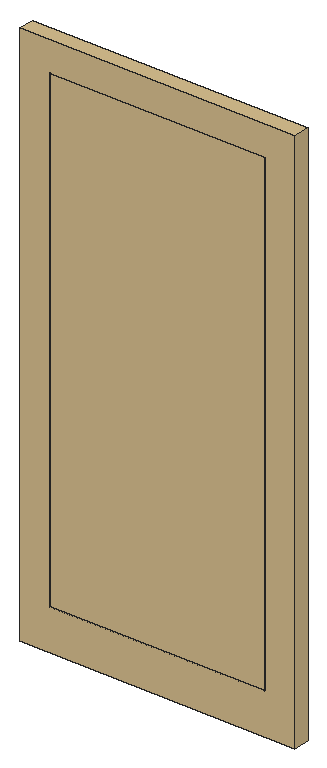
Revit family
Parameters (values of type "1200 Height")
  Width [instance] = 600 mm
  Offset = 50 mm
  Keynote = "45-13-029"
  Height = 1200 mm
  Head Height [instance] = 2100 mm
Reference planes
  plane 1 "Wall": y = 0
  plane 2 "Center (Left/Right)": x = 109.003
  plane 3 "Back": y = 75
  plane 4: z = 2100
  plane 5: z = 900
  plane 6: x = 409.003
  plane 7: x = -190.997
  plane 8: z = 2035
  plane 9: z = 990
  plane 10: x = 344.003
  plane 11: x = -125.997
  plane 12 "Offset": y = 125
Forms (mm)
  Extrusion 1, solid
    sketch origin (0, 125, 0) x (1, 0, 0) y (0, 0, 1)
      loop
        line (409.003, 900) -> (409.003, 2100) -> (-190.997, 2100) -> (-190.997, 900) -> (409.003, 900)
      loop
        line (344.003, 990) -> (344.003, 2035) -> (-125.997, 2035) -> (-125.997, 990) -> (344.003, 990)
    from 0 to 35
  Extrusion 2, solid
    sketch origin (0, 125, 0) x (1, 0, 0) y (0, 0, 1)
      loop
        line (344.003, 990) -> (344.003, 2035) -> (-125.997, 2035) -> (-125.997, 990) -> (344.003, 990)
    from 17.363 to 35
Lines and regions (mm)
  model lines
    curve 1: line (344.003, 107.637, 1035) -> (-125.997, 107.637, 1035)
    curve 2: line (344.003, 107.637, 1080) -> (-125.997, 107.637, 1080)
    curve 3: line (344.003, 107.637, 1125) -> (-125.997, 107.637, 1125)
    curve 4: line (344.003, 107.637, 1170) -> (-125.997, 107.637, 1170)
    curve 5: line (344.003, 107.637, 1215) -> (-125.997, 107.637, 1215)
    curve 6: line (344.003, 107.637, 1260) -> (-125.997, 107.637, 1260)
    curve 7: line (344.003, 107.637, 1305) -> (-125.997, 107.637, 1305)
    curve 8: line (344.003, 107.637, 1350) -> (-125.997, 107.637, 1350)
    curve 9: line (344.003, 107.637, 1395) -> (-125.997, 107.637, 1395)
    curve 10: line (344.003, 107.637, 1440) -> (-125.997, 107.637, 1440)
    curve 11: line (344.003, 107.637, 1485) -> (-125.997, 107.637, 1485)
    curve 12: line (344.003, 107.637, 1530) -> (-125.997, 107.637, 1530)
    curve 13: line (344.003, 107.637, 1575) -> (-125.997, 107.637, 1575)
    curve 14: line (344.003, 107.637, 1620) -> (-125.997, 107.637, 1620)
    curve 15: line (344.003, 107.637, 1665) -> (-125.997, 107.637, 1665)
    curve 16: line (344.003, 107.637, 1710) -> (-125.997, 107.637, 1710)
    curve 17: line (344.003, 107.637, 1755) -> (-125.997, 107.637, 1755)
    curve 18: line (344.003, 107.637, 1800) -> (-125.997, 107.637, 1800)
    curve 19: line (344.003, 107.637, 1845) -> (-125.997, 107.637, 1845)
    curve 20: line (344.003, 107.637, 1890) -> (-125.997, 107.637, 1890)
    curve 21: line (344.003, 107.637, 1935) -> (-125.997, 107.637, 1935)
    curve 22: line (344.003, 107.637, 1980) -> (-125.997, 107.637, 1980)
Text (mm)
  text "Placement side" at (-1848.837, 1116.779, 0), in view "Ref. Level"
  text "Placement side" at (0, 1409.804, 2854.306), in view "Left"
  text "Placement side" at (0, 499.811, 2980.732), in view "Right"
Dimensions and locks
  locked: plane 3 "Back" to host wall
  "Head Height": level to plane 4
  "Height": plane 5 to plane 4
  "Width": plane 7 to plane 6
  plane 7 to plane 11 = 65 mm
  plane 10 to plane 6 = 65 mm
  plane 5 to plane 9 = 90 mm
  plane 8 to plane 4 = 65 mm
  equal spacing: plane 7, plane 2 "Center (Left/Right)", plane 6
  "Offset": plane 3 "Back" to plane 12 "Offset"
  aligned and locked: plane 1 "Wall" to host wall
  aligned and locked: plane 6 to Extrusion 1 sketch curve  (x2)
  aligned and locked: Extrusion 1 sketch curve to plane 5
  aligned and locked: Extrusion 1 sketch curve to plane 7
  aligned and locked: plane 4 to Extrusion 1 sketch curve
  aligned and locked: plane 10 to Extrusion 1 sketch curve
  aligned and locked: Extrusion 1 sketch curve to plane 9
  aligned and locked: plane 8 to Extrusion 1 sketch curve
  aligned and locked: plane 11 to Extrusion 1 sketch curve
  aligned and locked: Extrusion 2 sketch curve to Extrusion 1  (x4)
  aligned and locked: Extrusion 1 to Extrusion 2
  aligned and locked: plane 11 to curve 22
  aligned and locked: plane 10 to curve 10
Automatic sketch dimensions
  Extrusion 1 sketch curve to plane 5 = 0 mm
  curve 22 to plane 10 = 0 mm
  curve 21 to plane 10 = 0 mm
  curve 21 to plane 11 = 0 mm
  curve 20 to plane 11 = 0 mm
  curve 20 to plane 10 = 0 mm
  curve 19 to plane 10 = 0 mm
  curve 19 to plane 11 = 0 mm
  curve 18 to plane 10 = 0 mm
  curve 18 to plane 11 = 0 mm
  curve 17 to plane 11 = 0 mm
  curve 17 to plane 10 = 0 mm
  curve 16 to plane 10 = 0 mm
  curve 16 to plane 11 = 0 mm
  curve 15 to plane 10 = 0 mm
  curve 15 to plane 11 = 0 mm
  curve 14 to plane 10 = 0 mm
  curve 14 to plane 11 = 0 mm
  curve 13 to plane 10 = 0 mm
  curve 13 to plane 11 = 0 mm
  curve 12 to plane 11 = 0 mm
  curve 12 to plane 10 = 0 mm
  curve 11 to plane 10 = 0 mm
  curve 11 to plane 11 = 0 mm
  curve 10 to plane 11 = 0 mm
  curve 9 to plane 11 = 0 mm
  curve 9 to plane 10 = 0 mm
  curve 8 to plane 10 = 0 mm
  curve 8 to plane 11 = 0 mm
  curve 7 to plane 10 = 0 mm
  curve 7 to plane 11 = 0 mm
  curve 6 to plane 11 = 0 mm
  curve 6 to plane 10 = 0 mm
  curve 5 to plane 10 = 0 mm
  curve 5 to plane 11 = 0 mm
  curve 4 to plane 10 = 0 mm
  curve 4 to plane 11 = 0 mm
  curve 3 to plane 11 = 0 mm
  curve 3 to plane 10 = 0 mm
  curve 2 to plane 10 = 0 mm
  curve 2 to plane 11 = 0 mm
  curve 1 to plane 10 = 0 mm
  curve 1 to plane 11 = 0 mm
  plane 8 to curve 22 = 55 mm
  curve 22 to curve 21 = 45 mm
  curve 21 to curve 20 = 45 mm
  curve 20 to curve 19 = 45 mm
  curve 19 to curve 18 = 45 mm
  curve 18 to curve 17 = 45 mm
  curve 17 to curve 16 = 45 mm
  curve 16 to curve 15 = 45 mm
  curve 15 to curve 14 = 45 mm
  curve 14 to curve 13 = 45 mm
  curve 13 to curve 12 = 45 mm
  curve 12 to curve 11 = 45 mm
  curve 11 to curve 10 = 45 mm
  curve 10 to curve 9 = 45 mm
  curve 9 to curve 8 = 45 mm
  curve 8 to curve 7 = 45 mm
  curve 7 to curve 6 = 45 mm
  curve 6 to curve 5 = 45 mm
  curve 5 to curve 4 = 45 mm
  curve 4 to curve 3 = 45 mm
  curve 3 to curve 2 = 45 mm
  curve 2 to curve 1 = 45 mm
  curve 10 to plane 10 = 0 mm
